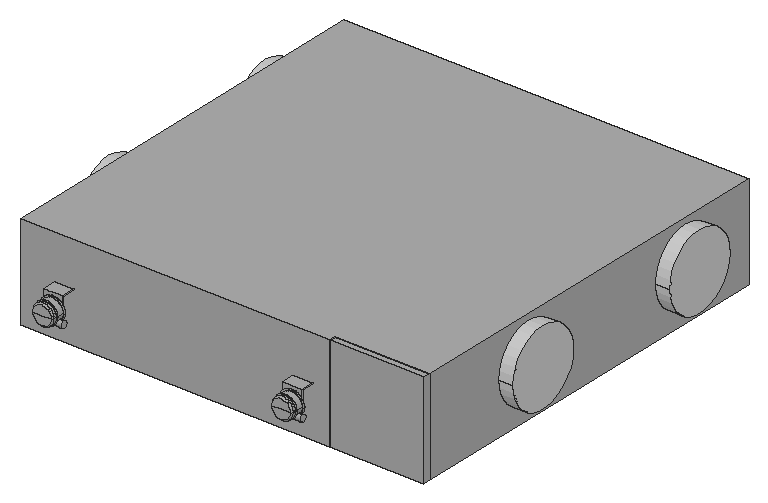
Revit family "BLAUBERG-KOMFORT_EC_DBE_900_Right", category Mechanical Equipment, Revit 2019
Family settings
  Round Connector Dimension = Use Diameter
  Classification = None
  Part Type = Normal
  OmniClass Number = 23.75.35.14
  OmniClass Title = Air Handling Units
  Work Plane-Based = No
  Always vertical = Yes
  Cut with Voids When Loaded = No
  Shared = No
  Room Calculation Point = No
Parameters (values of type "KOMFORT EC DBE 900 R S21")
  Weight = 111.00 kg
  LDrainCon = 28 mm
  Heater power = 3300 W
  Maximum Unit Power Without Electric Heater = 442 W
  Maximum Unit Current Without Electric Heater = 3.1 A
  Maximum Unit Current With Electric Heater = 17.4 A
  Heat Exchanger Material = "polystyrene"
  LDuctCon = 50 mm  # constant formula
  HDrainCon = 31 mm
  H = 318 mm
  Front Maintenance Zone Width = H  # 318 mm
  Front Maintenance Zone Length = L  # 1349 mm
  ElBoxB1 = 21 mm
  ElBoxB = 22 mm
  ElBoxL = 315 mm
  DrainPipe = yes
  DrainD = if(Drain Connection Diameter = 0 mm, 1 mm, Drain Connection Diameter)  # 14 mm
  Drain Flow [instance] = 0.0 L/s
  Drain Connection Diameter = 14 mm
  LDrainCon2 = 582 mm
  LDrainCon1 = 435 mm
  DPS_H = 198 mm
  DPS_L2 = 404 mm
  DPS_L1 = 147 mm
  B2 = 265 mm
  Air Flow Factor [instance] = 1  # constant formula
  B1 = 432 mm
  Air Flow Exhaust [instance] = 0 m³/h
  L = 1349 mm
  Voltage = 230 V
  URL = "https://blaubergventilatoren.de/en/product/komfort-ec-dbe-900-r-s21"
  Type Comments = "Air Handling Unit KOMFORT EC DBE 900 R S21"
  Transported Air Temperature (°C) = "-25…+40"
  Supply Air Filter = "G4 (F7 option)"
  Sound Pressure Level at 3 m (dBA) = 33
  SEC Class = "A"
  RPM (min-1) = 2720
  Power Factor = 1
  Power = Maximum Unit Power Without Electric Heater + Heater power  # 3742 W
  Number of Poles = 1
  Model = "KOMFORT EC DBE 900 R S21"
  Maximum Air Flow = 1030 m³/h
  Manufacturer = "Blauberg"
  Maintenance Zone Material = Maintenance Zone
  Front Maintenance Zone Height = 800 mm
  Maintenance Zone [instance] = no
  Load Classification = HVAC
  B = 1351 mm
  Heat recovery efficiency (%) = "75..88"
  Heat Exchanger Type = "counter-flow"
  H1 = 143 mm
  Metal Material = Metal Zinc
  Family Version = "1.0"  # constant formula
  Extract Air Filter = "G4"
  Duct Connection Diameter = 250 mm
  Description = "Air Handling Unit"
  D = Duct Connection Diameter  # 250 mm
  Current = Maximum Unit Current With Electric Heater  # 17.4 A
  Copyright = "©Blauberg"
  Casing Material = Painted Steel Gray
  Apparent Power [instance] = Power / Power Factor  # 3742 VA
  Air Flow Supply [instance] = 0 m³/h
Types (2, lengths in mm): name | Heat Exchanger Material | DrainPipe | DrainD | Drain Connection Diameter | URL | Type Comments | Model | Heat recovery efficiency (%)
  KOMFORT EC DBE 900 R S21 | "polystyrene" | yes | 14 | 14 | "https://blaubergventilatoren.de/en/product/komfort-ec-dbe-900-r-s21" | "Air Handling Unit KOMFORT EC DBE 900 R S21" | "KOMFORT EC DBE 900 R S21" | "75..88"
  KOMFORT EC DBE 900-E R S21 | "enthalpy" | no | 1 | 0 | "https://blaubergventilatoren.de/en/product/komfort-ec-dbe-900-e-r-s21" | "Air Handling Unit KOMFORT EC DBE 900-E R S21" | "KOMFORT EC DBE 900-E R S21" | "69..85"
Reference planes
  plane 1 "Center (Front/Back)": y = 0
  plane 2: z = 0
  plane 3 "Center (Left/Right)": x = 0
  plane 4 "Back": y = 675.5
  plane 5 "Front": y = -675.5
  plane 6 "L": x = -674.5
  plane 7 "R": x = 674.5
  plane 8 "DuctConB2": y = 410.5
  plane 9 "DuctConB1": y = -243.5
  plane 10: x = -724.5
  plane 11: x = 724.5
  plane 12 "Top": z = 143
  plane 13 "Bottom": z = -175
  plane 14 "DrainConH": z = -144
  plane 15 "DrainConL1": x = -239.5
  plane 16 "DrainConL2": x = 92.5
  plane 17 "S": y = 703.5
  plane 18 "ElBox": y = -654.5
  plane 19: y = -676.5
  plane 20: x = 359.5
  plane 21 "DPSL1": x = 270.5
  plane 22 "DPSL2": x = -527.5
  plane 23 "DPS_H": z = -55
Forms (mm)
  Extrusion 1, solid, material "Painted Steel Gray" <- "Casing Material", detail levels medium+fine
    sketch origin (0, 0, 0) x (1, 0, 0) y (0, 1, 0)
      loop
        line (-674.5, 675.5) -> (-674.5, -675.5) -> (359.5, -675.5) -> (359.5, -654.5) -> (674.5, -654.5) -> (674.5, 675.5) -> (-674.5, 675.5)
    from -175 to 143
  Extrusion 2, solid, material "Metal Zinc" <- "Metal Material", detail levels medium+fine
    sketch origin (-674.5, 0, 0) x (0, 1, 0) y (0, 0, 1)
      loop
        circle (410.5, 0) r 125
      loop
        circle (-243.5, 0) r 125
    from 0 to -50
  Extrusion 3, solid, material "Metal Zinc" <- "Metal Material", detail levels medium+fine
    sketch origin (674.5, 0, 0) x (0, 1, 0) y (0, 0, 1)
      loop
        circle (410.5, 0) r 125
      loop
        circle (-243.5, 0) r 125
    from 0 to 50
  Extrusion 4, solid, visible <- "DrainPipe", detail levels medium+fine
    sketch origin (0, 675.5, 0) x (-1, 0, 0) y (0, 0, 1)
      loop
        circle (239.5, -144) r 7
    from 0 to 28
  Extrusion 5, solid, visible <- "DrainPipe", detail levels medium+fine
    sketch origin (0, 675.5, 0) x (-1, 0, 0) y (0, 0, 1)
      loop
        circle (-92.5, -144) r 7
    from 0 to 28
  Extrusion 6, solid, material "Painted Steel Gray" <- "Casing Material", detail levels medium+fine
    sketch origin (0, 0, 0) x (1, 0, 0) y (0, 1, 0)
      loop
        line (359.5, -676.5) -> (674.5, -676.5) -> (674.5, -654.5) -> (359.5, -654.5) -> (359.5, -676.5)
    from -175 to 143
Lines and regions (mm)
  model lines, detail levels coarse
    curve 1: line (-674.5, 675.5, 0) -> (674.5, 675.5, 0)
    curve 2: line (-674.5, -675.5, 0) -> (-674.5, 675.5, 0)
    curve 3: line (674.5, -675.5, 0) -> (-674.5, -675.5, 0)
    curve 4: line (674.5, 675.5, 0) -> (674.5, -675.5, 0)
    curve 5: line (-674.5, 410.5, 0) -> (-724.5, 410.5, 0)
    curve 6: line (-674.5, -243.5, 0) -> (-724.5, -243.5, 0)
    curve 7: line (674.5, -243.5, 0) -> (724.5, -243.5, 0)
    curve 8: line (674.5, 410.5, 0) -> (724.5, 410.5, 0)
Dimensions and locks
  equal spacing: plane 6 "L", plane 3 "Center (Left/Right)", plane 7 "R"
  "L": plane 6 "L" to plane 7 "R"
  equal spacing: plane 4 "Back", plane 1 "Center (Front/Back)", plane 5 "Front"
  "B": plane 4 "Back" to plane 5 "Front"
  "B2": plane 4 "Back" to plane 8 "DuctConB2"
  "B1": plane 9 "DuctConB1" to plane 5 "Front"
  "LDuctCon": plane 10 to plane 6 "L"
  "LDuctCon": plane 7 "R" to plane 11
  "H1": plane 12 "Top" to level
  "H": plane 12 "Top" to plane 13 "Bottom"
  "HDrainCon": plane 14 "DrainConH" to plane 13 "Bottom"
  "LDrainCon1": plane 6 "L" to plane 15 "DrainConL1"
  "LDrainCon2": plane 16 "DrainConL2" to plane 7 "R"
  "ElBoxL": plane 20 to plane 7 "R"
  "DPS_L1": plane 6 "L" to plane 22 "DPSL2"
  "DPS_L2": plane 21 "DPSL1" to plane 7 "R"
  "DPS_H": plane 12 "Top" to plane 23 "DPS_H"
  "LDrainCon": plane 17 "S" to plane 4 "Back"
  "ElBoxB1": plane 18 "ElBox" to plane 5 "Front"
  "ElBoxB": plane 18 "ElBox" to plane 19
  "D": diameter of Extrusion 2 sketch curve  (x2)
  "D": diameter of Extrusion 3 sketch curve  (x2)
  "DrainD": diameter of Extrusion 4 sketch curve
  "DrainD": diameter of Extrusion 5 sketch curve
  aligned and locked: level to plane 2
  aligned and locked: Extrusion 1 sketch curve to plane 4 "Back"
  aligned and locked: plane 6 "L" to Extrusion 1 sketch curve
  aligned and locked: plane 5 "Front" to Extrusion 1 sketch curve
  aligned and locked: plane 12 "Top" to Extrusion 1
  aligned and locked: Extrusion 1 to plane 13 "Bottom"
  aligned and locked: plane 11 to Extrusion 3
  aligned and locked: Extrusion 2 to plane 10
  aligned and locked: Extrusion 4 to plane 17 "S"
  aligned and locked: Extrusion 5 to plane 17 "S"
  aligned and locked: Extrusion 6 sketch curve to plane 19
  aligned and locked: plane 18 "ElBox" to Extrusion 6 sketch curve
  aligned and locked: Extrusion 6 sketch curve to plane 7 "R"
  aligned and locked: plane 12 "Top" to Extrusion 6
  aligned and locked: Extrusion 6 to plane 13 "Bottom"
  aligned and locked: plane 20 to Extrusion 6 sketch curve
  aligned and locked: nested 1 to plane 3 "Center (Left/Right)"
  aligned and locked: plane 12 "Top" to nested 1
  aligned and locked: curve 3 to Extrusion 1
  aligned and locked: plane 10 to curve 5
  aligned and locked: plane 6 "L" to curve 5
  aligned and locked: plane 8 "DuctConB2" to curve 5
  aligned and locked: plane 10 to curve 6
  aligned and locked: plane 6 "L" to curve 6
  aligned and locked: plane 9 "DuctConB1" to curve 6
  aligned and locked: plane 11 to curve 7
  aligned and locked: plane 7 "R" to curve 7
  aligned and locked: curve 7 to plane 9 "DuctConB1"
  aligned and locked: plane 11 to curve 8
  aligned and locked: curve 8 to plane 8 "DuctConB2"
  aligned and locked: plane 20 to Extrusion 1 sketch curve
  aligned and locked: plane 7 "R" to Extrusion 1 sketch curve
  aligned and locked: Extrusion 1 sketch curve to plane 18 "ElBox"
  aligned and locked: Extrusion 1 sketch curve to plane 20
  aligned and locked: nested 1 to plane 5 "Front"
  aligned and locked: nested 2 to plane 23 "DPS_H"
  aligned and locked: plane 22 "DPSL2" to nested 2
  aligned and locked: nested 3 to plane 23 "DPS_H"
  aligned and locked: plane 21 "DPSL1" to nested 3
Automatic sketch dimensions
  curve 2 to plane 4 "Back" = 0 mm
  Extrusion 2 sketch curve to level = 0 mm  (x2)
  Extrusion 2 sketch curve to plane 9 "DuctConB1" = 0 mm
  Extrusion 2 sketch curve to plane 8 "DuctConB2" = 0 mm
  Extrusion 3 sketch curve to level = 0 mm  (x2)
  Extrusion 3 sketch curve to plane 9 "DuctConB1" = 0 mm
  Extrusion 3 sketch curve to plane 8 "DuctConB2" = 0 mm
  Extrusion 4 sketch curve to plane 14 "DrainConH" = 0 mm
  Extrusion 4 sketch curve to plane 15 "DrainConL1" = 0 mm
  Extrusion 5 sketch curve to plane 14 "DrainConH" = 0 mm
  Extrusion 5 sketch curve to plane 16 "DrainConL2" = 0 mm
Nested families
  nested 1: "MaintenanceZone_Rect" at (0, -1475.5, -16) x (-1, 0, 0) z (0, -1, 0), visible <- "Maintenance Zone", type "Side", detail levels medium+fine
    with Maintenance Zone Width 318 mm, Maintenance Zone Length 1349 mm, Maintenance Zone Height 800 mm
  nested 2: "DPS" at (-527.5, -675.5, -55) x (1, 0, 0) z (0, -1, 0), type "DPS", detail levels medium+fine
  nested 3: "DPS" at (270.5, -675.5, -55) x (1, 0, 0) z (0, -1, 0), type "DPS", detail levels medium+fine
Connectors
  electrical at (674.5, -665.5, -16), driven by "Number of Poles", driven by "Load Classification", driven by "Voltage", driven by "Apparent Power", driven by "Power Factor"
    settings: on Extrusion 6, index 1, voltage 230 V, apparent load 3742 VA, apparent load phase1 0 VA, apparent load phase2 0 VA, apparent load phase3 0 VA, power factor 1, load classification "HVAC", number of poles 1, system type 30, power factor state 1, is connector primary yes, connector utility no, sub classification motor no, connector description ""
  hvac at (724.5, -243.5, 0), driven by "Duct Connection Diameter", driven by "Air Flow Supply"
    settings: on Extrusion 3, index 2, duct flow 0 m³/h, flow factor 0, pres drop 0.0 Pa, loss coef 0, conn angle 0.00°, conn width 304.8 mm, conn height 304.8 mm, conn diameter 250 mm, duct sys type 3, conn prof type 0, flow config 0, flow direction 1, loss method 0, conn ref index -1, conn util no, is conn primary yes, conn desc "Extract Air"
  hvac at (724.5, 410.5, 0), driven by "Duct Connection Diameter", driven by "Air Flow Exhaust"
    settings: on Extrusion 3, index 3, duct flow 0 m³/h, flow factor 0, pres drop 0.0 Pa, loss coef 0, conn angle 0.00°, conn width 304.8 mm, conn height 304.8 mm, conn diameter 250 mm, duct sys type 1, conn prof type 0, flow config 0, flow direction 2, loss method 0, conn ref index -1, conn util no, is conn primary no, conn desc "Supply Air"
  hvac at (-724.5, 410.5, 0), driven by "Duct Connection Diameter", driven by "Air Flow Supply"
    settings: on Extrusion 2, index 4, duct flow 0 m³/h, flow factor 0, pres drop 0.0 Pa, loss coef 0, conn angle 0.00°, conn width 304.8 mm, conn height 304.8 mm, conn diameter 250 mm, duct sys type 3, conn prof type 0, flow config 1, flow direction 2, loss method 0, conn ref index -1, conn util no, is conn primary no, conn desc "Exhaust Air"
  hvac at (-724.5, -243.5, 0), driven by "Duct Connection Diameter", driven by "Air Flow Exhaust"
    settings: on Extrusion 2, index 5, duct flow 0 m³/h, flow factor 0, pres drop 0.0 Pa, loss coef 0, conn angle 0.00°, conn width 304.8 mm, conn height 304.8 mm, conn diameter 250 mm, duct sys type 1, conn prof type 0, flow config 1, flow direction 1, loss method 0, conn ref index -1, conn util no, is conn primary no, conn desc "Intake Air"
  piping at (-239.5, 703.5, -144), diameter 14, driven by "Drain Connection Diameter", driven by "Drain Flow"
    settings: on Extrusion 4, index 6, connector inside diameter 609.6 mm, connector length 0 mm, flow factor 0, pipe flow 0.0 L/s, pressure drop 0.0 Pa, fitting loss kfactor 0, connector angle 0.00°, fixture units 0, engagement length 0 mm, angle of deflection 0.00°, flow configuration 1, flow direction 2, fitting loss method 0, system type 16, joint type 0, gender type 0, connector reference index -1, connector utility 0, adjustable connector no, is connector primary yes, connector description ""
  piping at (92.5, 703.5, -144), diameter 14, driven by "Drain Connection Diameter", driven by "Drain Flow"
    settings: on Extrusion 5, index 7, connector inside diameter 609.6 mm, connector length 0 mm, flow factor 0, pipe flow 0.0 L/s, pressure drop 0.0 Pa, fitting loss kfactor 0, connector angle 0.00°, fixture units 0, engagement length 0 mm, angle of deflection 0.00°, flow configuration 1, flow direction 2, fitting loss method 0, system type 16, joint type 0, gender type 0, connector reference index -1, connector utility 0, adjustable connector no, is connector primary no, connector description ""
Definition of nested family "MaintenanceZone_Rect"
  Parameters (values of type "MaintenanceZone_Rect")
    Maintenance Zone Width = 500 mm
    Material = none
    Maintenance Zone Length = 1000 mm
    Maintenance Zone Height = 300 mm
    Family Version = ""
    Default Elevation = 1219.2 mm
    Copyright = ""
  Reference planes
    plane 1 "Center (Front/Back)": y = 0
    plane 2: z = 0
    plane 3 "Center (Left/Right)": x = 0
    plane 4: x = -500
    plane 5: x = 500
    plane 6: y = 250
    plane 7: y = -250
    plane 8: z = -300
  Forms (mm)
    Extrusion 1, solid, material <- "Material", detail levels medium+fine
      sketch origin (0, 0, 0) x (1, 0, 0) y (0, 1, 0)
        loop
          line (-500, 250) -> (-500, -250) -> (500, -250) -> (500, 250) -> (-500, 250)
      from 0 to -300
  Lines and regions (mm)
    symbolic lines, detail levels medium+fine
      curve 1: line (-500, 0, 0) -> (500, 0, 0)
      curve 2: line (-500, 0, -300) -> (-500, 0, 0)
      curve 3: line (500, 0, -300) -> (-500, 0, -300)
      curve 4: line (500, 0, 0) -> (500, 0, -300)
      curve 5: line (0, 250, 0) -> (0, -250, 0)
      curve 6: line (0, 250, -300) -> (0, 250, 0)
      curve 7: line (0, -250, -300) -> (0, 250, -300)
      curve 8: line (0, -250, 0) -> (0, -250, -300)
      curve 9: line (-500, 250, 0) -> (500, 250, 0)
      curve 10: line (-500, -250, 0) -> (-500, 250, 0)
      curve 11: line (500, -250, 0) -> (-500, -250, 0)
      curve 12: line (500, 250, 0) -> (500, -250, 0)
  Dimensions and locks
    equal spacing: plane 6, plane 1 "Center (Front/Back)", plane 7
    equal spacing: plane 4, plane 3 "Center (Left/Right)", plane 5
    "Maintenance Zone Width": plane 6 to plane 7
    "Maintenance Zone Length": plane 4 to plane 5
    "Maintenance Zone Height": plane 2 to plane 8
    aligned and locked: level to plane 2
    aligned and locked: Extrusion 1 sketch curve to plane 6
    aligned and locked: plane 4 to Extrusion 1 sketch curve
    aligned and locked: plane 7 to Extrusion 1 sketch curve
    aligned and locked: Extrusion 1 sketch curve to plane 5
    aligned and locked: Extrusion 1 to plane 8
    aligned and locked: curve 1 to Extrusion 1
    aligned and locked: curve 2 to Extrusion 1
    aligned and locked: curve 3 to Extrusion 1
    aligned and locked: curve 4 to Extrusion 1
    aligned and locked: curve 5 to Extrusion 1
    aligned and locked: curve 6 to Extrusion 1
    aligned and locked: curve 7 to Extrusion 1
    aligned and locked: curve 8 to Extrusion 1
    aligned and locked: curve 9 to Extrusion 1
    aligned and locked: curve 10 to Extrusion 1
    aligned and locked: curve 11 to Extrusion 1
    aligned and locked: curve 12 to Extrusion 1
Definition of nested family "DPS"
  Parameters (values of type "DPS")
    W1 = 65 mm
    Thikness = 2 mm
    Material = none
    H1 = 47 mm
    Default Elevation = 1219.2 mm
  Reference planes
    plane 1 "Center (Front/Back)": y = 0
    plane 2: z = 0
    plane 3 "Center (Left/Right)": x = 0
    plane 4: z = 47
    plane 5: z = 51.5
    plane 6: z = 75.5
    plane 7: z = 78
    plane 8: z = 92
    plane 9: z = 86
    plane 10: x = -32.5
    plane 11: x = 32.5
    plane 12 "1": y = 50
    plane 13: y = 48
    plane 14: z = 45
    plane 15 "2": y = -22
    plane 16: z = 64
  Forms (mm)
    Revolve 1, solid, material <- "Material"
      sketch origin (0, 0, 0) x (1, 0, 0) y (0, 0, 1)
        loop
          line (-40.5, 47) -> (0, 47) -> (0, 92) -> (-31, 92) -> (-35, 86) -> (-35, 78) -> (-37.309, 78) -> (-37.309, 75.5) -> (-36, 75.5) -> (-36, 51.5) -> (-40.5, 51.5) -> (-40.5, 47)
        axis (0, 92) -> (0, 47)
      angle from 0 to 360
    Extrusion 2, solid, material <- "Material"
      sketch origin (0, 0, 0) x (0, 1, 0) y (0, 0, 1)
        loop
          line (50, 0) -> (50, 47) -> (0, 47) -> (0, 45) -> (48, 45) -> (48, 0) -> (50, 0)
      from -32.5 to 32.5
    Extrusion 3, solid, material <- "Material"
      sketch origin (0, 0, 0) x (0, 1, 0) y (0, 0, 1)
        loop
          circle (-22, 64) r 10
      from 0 to 50
  Cuts and joins
    joined: Revolve 1, Extrusion 3
  Dimensions and locks
    locked: plane 5 to plane 4 at 4.5
    locked: plane 6 to plane 5 at 24
    locked: plane 7 to plane 6 at 2.5
    locked: plane 8 to plane 9 at 6
    locked: plane 9 to plane 7 at 8
    "H1": plane 4 to level
    equal spacing: plane 11, plane 3 "Center (Left/Right)", plane 10
    "W1": plane 11 to plane 10
    "Thikness": plane 4 to plane 14
    "Thikness": plane 12 "1" to plane 13
    locked: plane 1 "Center (Front/Back)" to plane 12 "1" at 50
    locked: plane 15 "2" to plane 1 "Center (Front/Back)" at 22
    plane 16 to plane 4 = 17 mm
    aligned and locked: level to plane 2
    aligned and locked: Revolve 1 sketch curve to plane 3 "Center (Left/Right)"  (x2)
    aligned and locked: plane 6 to Revolve 1 sketch curve
    aligned and locked: plane 7 to Revolve 1 sketch curve
    aligned and locked: plane 5 to Revolve 1 sketch curve
    aligned and locked: plane 8 to Revolve 1 sketch curve
    aligned and locked: Extrusion 2 sketch curve to plane 13
    aligned and locked: plane 14 to Extrusion 2 sketch curve
    aligned and locked: Extrusion 2 sketch curve to plane 1 "Center (Front/Back)"
    aligned and locked: Extrusion 2 to plane 10
    aligned and locked: plane 11 to Extrusion 2
  Automatic sketch dimensions
    Revolve 1 sketch curve to plane 4 = 0 mm
    Revolve 1 sketch curve to plane 9 = 0 mm
    Revolve 1 sketch curve to plane 3 "Center (Left/Right)" = 31 mm
    Revolve 1 sketch curve to Revolve 1 sketch curve = 4 mm
    Revolve 1 sketch curve to Revolve 1 sketch curve = 1 mm
    Revolve 1 sketch curve to Revolve 1 sketch curve = 1.309 mm
    Revolve 1 sketch curve to Revolve 1 sketch curve = 4.5 mm
    Revolve 1 sketch curve to Revolve 1 sketch curve = 27.818 mm
    Revolve 1 sketch curve to Revolve 1 sketch curve = 2.182 mm
    Extrusion 2 sketch curve to level = 0 mm
    Extrusion 2 sketch curve to plane 12 "1" = 0 mm
    Extrusion 2 sketch curve to plane 4 = 0 mm
    Extrusion 3 sketch curve to plane 15 "2" = 0 mm
    Extrusion 3 sketch curve to plane 16 = 0 mm
    radius of Extrusion 3 sketch curve = 10 mm
